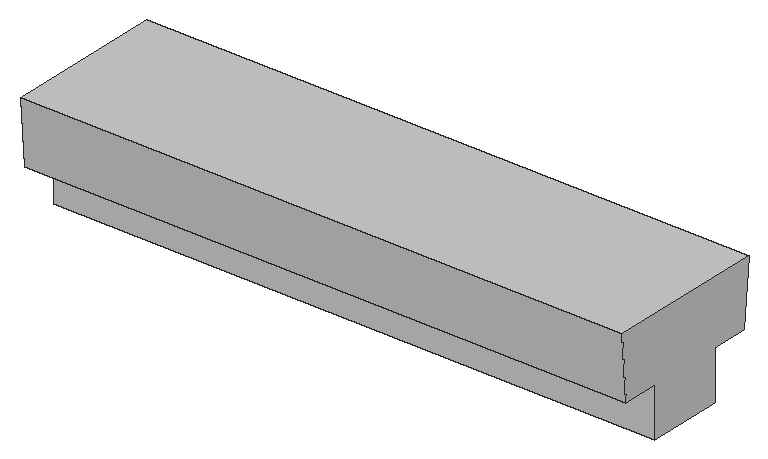
Revit family
Parameters (values of type "150 x 350")
  변단면 오른쪽 치수 [instance] = if(변단면 오른쪽, 1, 0) * (인접 보 깊이 - 슬래브 두께) / 12  # 10.833 mm
  변단면 오른쪽 = yes
  변단면 왼쪽 치수 [instance] = if(변단면 왼쪽, 1, 0) * (인접 보 깊이 - 슬래브 두께) / 12  # 10.833 mm
  변단면 왼쪽 = yes
  슬래브 두께 [instance] = 120 mm
  패널 채우기 오른쪽 [instance] = 75 mm
  패널 채우기 왼쪽 [instance] = 75 mm
  보 재료 [instance] = 콘크리트 - 현장타설 콘크리트
  Assembly Code = "B10"
  Length [instance] = 1500 mm
  b = 150 mm
  h = 350 mm
  인접 보 깊이 [instance] = 250 mm
Types (17, lengths in mm): name | 변단면 오른쪽 치수 | 변단면 오른쪽 | 변단면 왼쪽 치수 | 변단면 왼쪽 | 패널 채우기 오른쪽 | 패널 채우기 왼쪽 | h | 인접 보 깊이
  (no name) | 10.833 | yes | 10.833 | yes | 75 | 75 | 350 | 250
  150 x 350 | 10.833 | yes | 10.833 | yes | 75 | 75 | 350 | 250
  150 x 400 | 15 | yes | 15 | yes | 75 | 75 | 400 | 300
  150 x 500 | 19.167 | yes | 19.167 | yes | 75 | 75 | 500 | 350
  150 x 600 | 23.333 | yes | 23.333 | yes | 75 | 75 | 600 | 400
  150 x 350 모서리 보 1 | 0 | no | 0 | no | 75 | 0 | 350 | 250
  150 x 350 모서리 보 2 | 0 | no | 0 | no | 0 | 75 | 350 | 250
  150 x 400 모서리 보 1 | 0 | no | 0 | no | 75 | 0 | 400 | 300
  150 x 400 모서리 보 2 | 0 | no | 0 | no | 0 | 75 | 400 | 300
  150 x 500 모서리 보 1 | 0 | no | 0 | no | 75 | 0 | 500 | 350
  150 x 500 모서리 보 2 | 0 | no | 0 | no | 0 | 75 | 500 | 350
  150 x 600 모서리 보 1 | 0 | no | 0 | no | 75 | 0 | 600 | 400
  150 x 600 모서리 보 2 | 0 | no | 0 | no | 0 | 75 | 600 | 400
  150 x 350 T자형 | 0 | no | 0 | no | 75 | 75 | 350 | 250
  150 x 400 T자형 | 0 | no | 0 | no | 75 | 75 | 400 | 300
  150 x 500 T자형 | 0 | no | 0 | no | 75 | 75 | 500 | 350
  150 x 600 T자형 | 0 | no | 0 | no | 75 | 75 | 600 | 400
Reference planes
  plane 1 "중심(앞/뒤)": y = 0
  plane 2: z = 0
  plane 3 "중심(왼쪽/오른쪽)": x = 4.61
  plane 4 "왼쪽 부재": x = -604.99
  plane 5 "오른쪽 부재": x = 614.21
  plane 6: y = 75
  plane 7: y = -75
  plane 8 "슬래브 상단": z = 175
  plane 9 "하단": z = -175
  plane 10 "왼쪽": x = -757.39
  plane 11 "오른쪽": x = 742.61
  plane 12: y = -160.833
  plane 13: y = 160.833
  plane 14 "조이스트 상단": z = 55
  plane 15: y = 150
  plane 16: y = -150
  plane 17: z = -75
Forms (mm)
  Sweep 1, solid, material "콘크리트 - 현장타설 콘크리트" <- "보 재료"
    path origin (0, 0, 0) x (1, 0, 0) y (0, 1, 0)
      loop
        line (614.21, 0) -> (-604.99, 0)
    profile origin (4.61, 0, 0) x (0, -1, 0) y (0, 0, 1)
      loop
        line (-160.833, 55) -> (-150, -75) -> (150, -75) -> (160.833, 55) -> (-160.833, 55)
  Sweep 2, solid, material "콘크리트 - 현장타설 콘크리트" <- "보 재료"
    path origin (0, 0, -139.7) x (1, 0, 0) y (0, 1, 0)
      loop
        line (614.21, 0) -> (-604.99, 0)
    profile origin (4.61, 0, -139.7) x (0, -1, 0) y (0, 0, 1)
      loop
        line (-75, 64.7) -> (-75, -35.3) -> (75, -35.3) -> (75, 64.7) -> (-75, 64.7)
Cuts and joins
  joined: Sweep 1, Sweep 2
Dimensions and locks
  "b": plane 6 to plane 7
  equal spacing: plane 9 "하단", plane 2, plane 8 "슬래브 상단"
  equal spacing: plane 6, plane 1 "중심(앞/뒤)", plane 7
  "h": plane 9 "하단" to plane 8 "슬래브 상단"
  "Length": plane 10 "왼쪽" to plane 11 "오른쪽"
  "슬래브 두께": plane 8 "슬래브 상단" to plane 14 "조이스트 상단"
  "패널 채우기 왼쪽": plane 15 to plane 6
  "패널 채우기 오른쪽": plane 7 to plane 16
  "인접 보 깊이": plane 8 "슬래브 상단" to plane 17
  "변단면 오른쪽 치수": plane 16 to plane 12
  "변단면 왼쪽 치수": plane 13 to plane 15
  level to plane 2 = 0 mm
  aligned and locked: Sweep 1 sketch curve to plane 1 "중심(앞/뒤)"
  aligned and locked: plane 4 "왼쪽 부재" to Sweep 1 sketch curve
  aligned and locked: plane 5 "오른쪽 부재" to Sweep 1 sketch curve
  aligned and locked: plane 6 to Sweep 2 sketch curve
  aligned and locked: Sweep 2 sketch curve to plane 17
  aligned and locked: plane 9 "하단" to Sweep 2 sketch curve
  aligned and locked: plane 7 to Sweep 2 sketch curve
  aligned and locked: plane 13 to Sweep 1 sketch curve
  aligned and locked: plane 12 to Sweep 1 sketch curve
  aligned and locked: plane 15 to Sweep 1 sketch curve
  aligned and locked: plane 16 to Sweep 1 sketch curve
  aligned and locked: Sweep 1 sketch curve to plane 17
  aligned and locked: Sweep 1 sketch curve to plane 14 "조이스트 상단"
  aligned and locked: plane 9 "하단" to cut or joined group of Sweep 1, Sweep 2
  aligned and locked: cut or joined group of Sweep 1, Sweep 2 to plane 17
  aligned and locked: plane 14 "조이스트 상단" to cut or joined group of Sweep 1, Sweep 2
Automatic sketch dimensions
  Sweep 2 sketch curve to plane 1 "중심(앞/뒤)" = 0 mm
  Sweep 2 sketch curve to plane 4 "왼쪽 부재" = 0 mm
  Sweep 2 sketch curve to plane 5 "오른쪽 부재" = 0 mm
